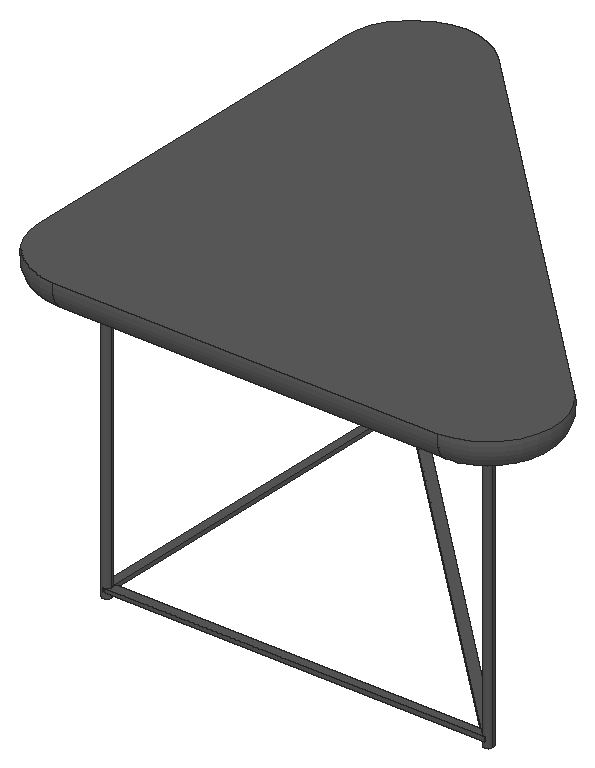
Revit family "Haworth_Torei_Table_Triangle", category Furniture, Revit 2018
Family settings
  OmniClass Number = 23.40.20.00
  OmniClass Title = General Furniture and Specialties
  Work Plane-Based = No
  Always vertical = Yes
  Cut with Voids When Loaded = No
  Shared = No
  Room Calculation Point = No
Parameters (values of type "HCCS-xxxx-TTW - 24d 24w 16h")
  Warranty = "http://www.haworth.com/resources/product-info/warranties"
  Version = "3"  # constant formula
  URL - Product = "https://www.haworth.com/na/en/products/side-occasional/torei.html"
  URL = "http://www.haworth.com/our-brands/haworth-collection"
  Table Finish [instance] = Haworth _ Wood _ Torei _ Ash Black
  Standard Width = "24 Inches"  # constant formula
  Standard Heights = "12.2, 16.1 Inches"  # constant formula
  Model = "HCCS-xxxx-TTW"  # constant formula
  Manufacturer = "Haworth"  # constant formula
  Description = "Haworth Torei Table Triangle"  # constant formula
  Base Finish = Haworth _ Paint _ Collection Black
  Author = "SHAPE Environments, LLC"  # constant formula
  Assembly Code = "E2020200"
  Actual Width = 24.0"  # constant formula
  Actual Height = if([12.2in Height], 12.19922", 16.10156")  # 16.10156"
  Actual Depth = 20.97"  # constant formula
  16.1in Height = yes
  12.2in Height = not([16.1in Height])  # no
Types (3): name | Actual Height | 16.1in Height | 12.2in Height
  (no name) | 16.10156" | yes | no
  HCCS-xxxx-TTW - 24d 24w 16h | 16.10156" | yes | no
  HCCS-xxxx-TTW - 24d 24w 12h | 12.19922" | no | yes
Reference planes (in)
  plane 1 "Center Front/Back": y = 0
  plane 2: z = 0
  plane 3 "Center Left/Right": x = 0
  plane 4 "Top of Table": z = 16.10156
  plane 5 "bottom of horiz. leg": z = 0.3937
  plane 6 "Bottom of Table": z = 14.52956
  plane 7: y = -10.27925
  plane 8: x = -10.2858
  plane 9: through (-12.85687, 12.10557, 48) normal (0.7071, 0.7071, 0)
  plane 10: x = 9.52795
  plane 11: through (9.52795, -10.27925, 48) normal (-0.7071, 0.7071, 0)
  plane 12: through (-10.2858, 9.5345, 48) normal (-0.7071, 0.7071, 0)
  plane 13: y = 9.53433
  plane 14: through (12.11376, -7.94254, 48) normal (-0.7071, -0.7071, 0)
  plane 15: x = -13.76655
  plane 16: y = -13.76655
  plane 17: x = 13.04084
  plane 18: through (-2.71427, -22.77057, 48) normal (-0.7071, -0.7071, 0)
  plane 19 "Leg Height": z = 14.5
  plane 20: z = 10.6
Forms (in)
  Extrusion 1, solid, material "Haworth _ Paint _ Collection Black" <- "Base Finish"
    sketch origin (0, -10.91318, 0) x (0, 1, 0) y (0, 0, 1)
      loop
        line (0.87023, 0.29525) -> (0.87023, 0.49215) -> (0.39763, 0.49215) -> (0.39763, 0.29525) -> (0.87023, 0.29525)
    from -10.2858 to 9.52795
  Extrusion 2, solid, material "Haworth _ Wood _ Torei _ Ash Black" <- "Table Finish"
    sketch origin (11.8841, 6.45525, 0) x (1, 0, 0) y (0, 1, 0)
      loop
        line (-22.70115, -17.2723) -> (-1.06705, -17.2723) -> (-22.70115, 4.3618) -> (-22.70115, -17.2723)
    from 14.52956 to 16.10156
  Extrusion 3, solid, material "Haworth _ Paint _ Collection Black" <- "Base Finish"
    sketch origin (-9.70973, 0.56184, 0) x (-1, 0, 0) y (0, 0, 1)
      loop
        line (0.33977, 0.29525) -> (0.81237, 0.29525) -> (0.81237, 0.49215) -> (0.33977, 0.49215) -> (0.33977, 0.29525)
    from -10.84109 to 8.97249
  Sweep 4, solid, material "Haworth _ Wood _ Torei _ Ash Black" <- "Table Finish"
    path origin (0, 0, 16.10156) x (-1, 0, 0) y (0, -1, 0)
      loop
        line (10.81705, -9.57286) -> (10.81705, 10.27925)
        arc (10.81705, 10.27925) -> (10.65953, 10.65953) -> (10.27925, 10.81705) r 0.5378
        line (10.27925, 10.81705) -> (-9.6208, 10.81705)
        arc (-9.6208, 10.81705) -> (-10.05148, 10.50122) -> (-9.97295, 9.97295) r 0.51696
        line (-9.97295, 9.97295) -> (9.93716, -9.93716)
        arc (9.93716, -9.93716) -> (10.49405, -10.03745) -> (10.81705, -9.57286) r 0.52369
    profile origin (-10.81705, -0.3532, 16.10156) x (1, 0, 0) y (0, 0, 1)
      loop
        line (0, 0) -> (-2.9495, 0)
        arc (-2.9495, 0) -> (-2.82115, -0.96591) -> (-2.0582, -1.572) r 1.30148
        line (-2.0582, -1.572) -> (0, -1.572) -> (0, 0)
  Extrusion 5, solid, material "Haworth _ Paint _ Collection Black" <- "Base Finish"
    sketch origin (-1.79751, 1.88026, 0) x (-0.707107, -0.707107, 0) y (0, 0, 1)
      loop
        line (0.33977, 0.29525) -> (0.81237, 0.29525) -> (0.81237, 0.49215) -> (0.33977, 0.49215) -> (0.33977, 0.29525)
    from -16.60638 to 11.41449
  Extrusion 6, solid, material "Haworth _ Paint _ Collection Black" <- "Base Finish", visible <- "12.2in Height"
    sketch origin (0, 0, 0) x (1, 0, 0) y (0, 1, 0)
      loop
        circle (-10.2858, 9.53433) r 0.2363
      loop
        circle (-10.2858, -10.27925) r 0.2363
      loop
        circle (9.52795, -10.27925) r 0.2363
    from 0 to 10.6
  Extrusion 7, solid, material "Haworth _ Paint _ Collection Black" <- "Base Finish", visible <- "16.1in Height"
    sketch origin (0, 0, 0) x (1, 0, 0) y (0, 1, 0)
      loop
        circle (-10.2858, 9.53433) r 0.2363
      loop
        circle (-10.2858, -10.27925) r 0.2363
      loop
        circle (9.52795, -10.27925) r 0.2363
    from 0 to 14.5
Cuts and joins
  joined: Extrusion 2, Sweep 4
Lines and regions (in)
  Masking region 1
    outline origin (0, 0, 16.10156) x (-1, 0, 0) y (0, -1, 0)
      loop
        line (-12.11376, 7.94254) -> (7.87283, -12.04405)
        arc (7.87283, -12.04405) -> (11.62265, -12.76249) -> (13.76655, -9.60321) r 3.47319
        line (13.76655, -9.60321) -> (13.76655, 10.27925)
        arc (13.76655, 10.27925) -> (12.74514, 12.74514) -> (10.27925, 13.76655) r 3.4873
        line (10.27925, 13.76655) -> (-9.6947, 13.76655)
        arc (-9.6947, 13.76655) -> (-12.77567, 11.63187) -> (-12.11376, 7.94254) r 3.46646
Dimensions and locks (in)
  plane 5 "bottom of horiz. leg" to level = 0.3937"
  locked: plane 4 "Top of Table" to plane 6 "Bottom of Table" at 1.572
  plane 5 "bottom of horiz. leg" to plane 2 = 0.3937"
  "Actual Height": plane 4 "Top of Table" to level
  plane 1 "Center Front/Back" to plane 7 = 10.27925"
  level to plane 4 "Top of Table" = 16.10156"
  "Actual Depth": plane 18 to plane 14
  locked: plane 19 "Leg Height" to level at 14.5
  locked: plane 20 to level at 10.6
  aligned and locked: level to plane 2
  aligned and locked: plane 4 "Top of Table" to Extrusion 2
  aligned and locked: Extrusion 2 to plane 6 "Bottom of Table"
  aligned and locked: Sweep 4 sketch curve to plane 6 "Bottom of Table"
  aligned and locked: Sweep 4 sketch curve to plane 4 "Top of Table"
  aligned and locked: plane 12 to Extrusion 5
  aligned and locked: plane 13 to Extrusion 3
  aligned and locked: Extrusion 3 to plane 7
  aligned and locked: Extrusion 1 to plane 8
  aligned and locked: Extrusion 5 to plane 11
  aligned and locked: Extrusion 1 to plane 10
  aligned and locked: Extrusion 5 to plane 12
  aligned and locked: Extrusion 6 to level
  aligned and locked: plane 20 to Extrusion 6
  aligned and locked: Extrusion 7 to level
  aligned and locked: plane 19 "Leg Height" to Extrusion 7
Automatic sketch dimensions
  Extrusion 1 sketch curve to plane 5 "bottom of horiz. leg" = 0.09845"
  Extrusion 1 sketch curve to plane 7 = 0.2363"
  plane 5 "bottom of horiz. leg" to Extrusion 1 sketch curve = 0.09845"
  plane 7 to Extrusion 1 sketch curve = 0.2363"
  Extrusion 2 sketch curve to plane 8 = 0.53125"
  Extrusion 2 sketch curve to plane 7 = 0.5378"
  Extrusion 2 sketch curve to plane 10 = 1.2891"
  plane 13 to Extrusion 2 sketch curve = 1.28272"
  plane 5 "bottom of horiz. leg" to Extrusion 3 sketch curve = 0.09845"
  plane 8 to Extrusion 3 sketch curve = 0.2363"
  Extrusion 3 sketch curve to plane 5 "bottom of horiz. leg" = 0.09845"
  Extrusion 3 sketch curve to plane 8 = 0.2363"
  Sweep 4 sketch curve to plane 7 = 0.0"
  Sweep 4 sketch curve to plane 11 = 0.09808"
  plane 7 to Sweep 4 sketch curve = 0.3063"
  plane 12 to Sweep 4 sketch curve = 0.0382"
  plane 8 to Sweep 4 sketch curve = 0.34864"
  Sweep 4 sketch curve to plane 10 = 0.09285"
  plane 8 to Sweep 4 sketch curve = 0.00655"
  Sweep 4 sketch curve to plane 8 = 0.53125"
  Sweep 4 sketch curve to plane 7 = 0.02293"
  Sweep 4 sketch curve to plane 8 = 0.00791"
  plane 13 to Sweep 4 sketch curve = 0.03853"
  profile plane to Sweep 4 sketch curve = 0.0"
  Sweep 4 sketch curve to Sweep 4 sketch curve = 2.0582"
  Sweep 4 sketch curve to Sweep 4 sketch curve = 0.8913"
  Sweep 4 sketch curve to plane 4 "Top of Table" = 0.32399"
  plane 14 to Masking region 1 sketch curve = 0.0"
  Masking region 1 sketch curve to plane 16 = 0.0"
  Masking region 1 sketch curve to plane 14 = 0.0"
  Masking region 1 sketch curve to plane 15 = 0.0"
  Masking region 1 sketch curve to plane 7 = 0.0"
  plane 8 to Masking region 1 sketch curve = 2.41297"
  Masking region 1 sketch curve to plane 10 = 0.16675"
  plane 7 to Masking region 1 sketch curve = 2.33671"
  Masking region 1 sketch curve to plane 7 = 0.02293"
  Masking region 1 sketch curve to plane 8 = 0.00791"
  plane 13 to Masking region 1 sketch curve = 0.06888"
  plane 5 "bottom of horiz. leg" to Extrusion 5 sketch curve = 0.09845"
  plane 9 to Extrusion 5 sketch curve = 0.25"
  Extrusion 5 sketch curve to plane 5 "bottom of horiz. leg" = 0.09845"
  Extrusion 5 sketch curve to Extrusion 5 sketch curve = 0.4726"
  Extrusion 6 sketch curve to plane 7 = 0.0"  (x2)
  Extrusion 6 sketch curve to plane 8 = 0.0"  (x2)
  Extrusion 6 sketch curve to plane 9 = 0.0"
  Extrusion 6 sketch curve to plane 13 = 0.0"
  Extrusion 7 sketch curve to plane 7 = 0.0"  (x2)
  Extrusion 7 sketch curve to plane 8 = 0.0"  (x2)
  Extrusion 7 sketch curve to plane 9 = 0.0"
  Extrusion 7 sketch curve to plane 13 = 0.0"
  radius of Extrusion 6 sketch curve = 0.2363"  (x3)
  radius of Extrusion 7 sketch curve = 0.2363"  (x3)
